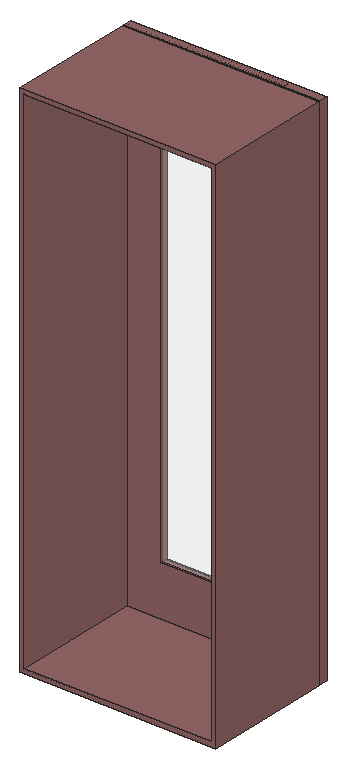
Revit family "FeuerloescherSchrank-Familie", category Sonderausstattung, Revit 2017
Family settings
  Basisbauteil = Wand
  Bemaßung runder Anschluss = Durchmesser verwenden
  Teiletyp = Normal
  OmniClass-Nummer = 23.65.70.17.11
  OmniClass-Titel = Fire Fighting Terminal Components
  Immer vertikal = Ja
  Beim Laden mit Abzugskörper schneiden = Nein
  Gemeinsam genutzt = Nein
  Raumberechnungspunkt = Nein
Parameters (values of type "55A/233B")
  Typenbild = 55A-233B.jpg
  Schrankmaterial = Metall - Oberfläche bemalt - Indian Red, Matt
  Tiefe = 215.00 mm
  Loescheinheit = 15
  Kosten = 200
  Glasscheibenmaterial = Glas
  Höhe = 813.00 mm
  Höhe Montage = 915.00 mm
  Breite = 305.00 mm
  Beschreibung = "Feuerloescher"
Types (11, lengths in mm): name | Typenbild | Loescheinheit | Kosten
  (no name) | 55A-233B.jpg | 15 | 200
  5A/21B | 5A-21B.jpg | 1 | 20
  8A/34B | 8A-34B.jpg | 2 | 40
  55B | 55B.jpg | 3 | 60
  13A/70B | 13A-70B.jpg | 4 | 80
  89B | 89B.jpg | 5 | 100
  21A/113B | 89B.jpg | 6 | 120
  27A/144B | 27A-144B.jpg | 9 | 140
  34A | 34A.jpg | 10 | 160
  43A/183B | 43A-183B.jpg | 12 | 180
  55A/233B | 55A-233B.jpg | 15 | 200
Reference planes
  plane 1: y = 0
  plane 2 "Mitte": x = -109.648
  plane 3: x = 42.852
  plane 4: x = -262.148
  plane 5: z = 1728
  plane 6: x = -14.298
  plane 7: x = -204.998
  plane 8: z = 915
  plane 9: y = 291.2
  plane 10: y = 76.2
  plane 11: y = 275.325
Forms (mm)
  Extrusion 1, solid, material "Metall - Oberfläche bemalt - Indian Red, Matt" <- "Schrankmaterial"
    sketch origin (0, 291.2, 0) x (0, 0, -1) y (-1, 0, 0)
      loop
        line (-1728, -42.852) -> (-915, -42.852) -> (-915, 262.148) -> (-1728, 262.148) -> (-1728, -42.852)
      loop
        line (-1645.45, 14.298) -> (-997.55, 14.298) -> (-997.55, 204.998) -> (-1645.45, 204.998) -> (-1645.45, 14.298)
    from 0 to -12.7
  Extrusion 2, solid, material "Glas" <- "Glasscheibenmaterial"
    sketch origin (0, 291.2, 0) x (0, 0, -1) y (-1, 0, 0)
      loop
        line (-1728, 14.298) -> (-997.55, 14.298) -> (-997.55, 262.148) -> (-1728, 262.148) -> (-1728, 14.298)
    from -3.175 to -9.525
  Extrusion 3, solid, material "Metall - Oberfläche bemalt - Indian Red, Matt" <- "Schrankmaterial"
    sketch origin (0, 76.2, 0) x (0, 0, -1) y (-1, 0, 0)
      loop
        line (-1728, -42.852) -> (-915, -42.852) -> (-915, 262.148) -> (-1728, 262.148) -> (-1728, -42.852)
      loop
        line (-1721.65, -36.502) -> (-921.35, -36.502) -> (-921.35, 255.798) -> (-1721.65, 255.798) -> (-1721.65, -36.502)
    from 0 to 199.125
Lines and regions (mm)
  symbolic lines
    curve 1: line (-262.148, 275.325, 0) -> (42.852, 275.325, 0)
    curve 2: line (-262.148, 288.025, 0) -> (42.852, 288.025, 0)
    curve 3: line (-262.148, 76.2, 0) -> (-262.148, 288.025, 0)
    curve 4: line (42.852, 76.2, 0) -> (-262.148, 76.2, 0)
    curve 5: line (42.852, 288.025, 0) -> (42.852, 76.2, 0)
Text (mm)
  text "Front" at (0, 1019.848, 3124.603), in view "Rechts"
  text "Front" at (-811.708, 558.621, 0), in view "Ref.-Ebene"
  text "Front" at (0, 983.686, 2265.984), in view "Links"
Dimensions and locks
  "Breite": plane 3 to plane 4
  equal spacing: plane 3, plane 2 "Mitte", plane 4
  locked: plane 3 to plane 6 at 57.15
  locked: plane 7 to plane 4 at 57.15
  "Höhe Montage": host wall to plane 8
  "Höhe": plane 8 to plane 5
  "Tiefe": plane 9 to plane 10
  locked: plane 9 to plane 11 at 15.875
  aligned and locked: host wall to curve 4
  aligned and locked: plane 10 to host wall
  aligned and locked: plane 11 to Extrusion 3
Automatic sketch dimensions
  curve 1 to plane 4 = 0.00 mm
  curve 4 to plane 3 = 0.00 mm
  curve 1 to curve 2 = 12.70 mm
  Extrusion 1 sketch curve to plane 4 = 0.00 mm
  Extrusion 1 sketch curve to plane 5 = 0.00 mm
  Extrusion 1 sketch curve to plane 6 = 0.00 mm
  Extrusion 1 sketch curve to plane 7 = 0.00 mm
  Extrusion 1 sketch curve to plane 8 = 0.00 mm
  Extrusion 1 sketch curve to plane 3 = 0.00 mm
  plane 5 to Extrusion 1 sketch curve = 82.55 mm
  Extrusion 1 sketch curve to plane 8 = 82.55 mm
  Extrusion 2 sketch curve to plane 7 = 57.15 mm
  Extrusion 2 sketch curve to plane 6 = 0.00 mm
  plane 5 to Extrusion 2 sketch curve = 0.00 mm
  Extrusion 2 sketch curve to plane 8 = 82.55 mm
  curve 1 to plane 11 = 0.00 mm
  Extrusion 3 sketch curve to plane 4 = 0.00 mm
  Extrusion 3 sketch curve to plane 5 = 0.00 mm
  Extrusion 3 sketch curve to plane 8 = 0.00 mm
  Extrusion 3 sketch curve to plane 3 = 0.00 mm
  plane 5 to Extrusion 3 sketch curve = 6.35 mm
  Extrusion 3 sketch curve to plane 8 = 6.35 mm
  Extrusion 3 sketch curve to plane 3 = 6.35 mm
  plane 4 to Extrusion 3 sketch curve = 6.35 mm
